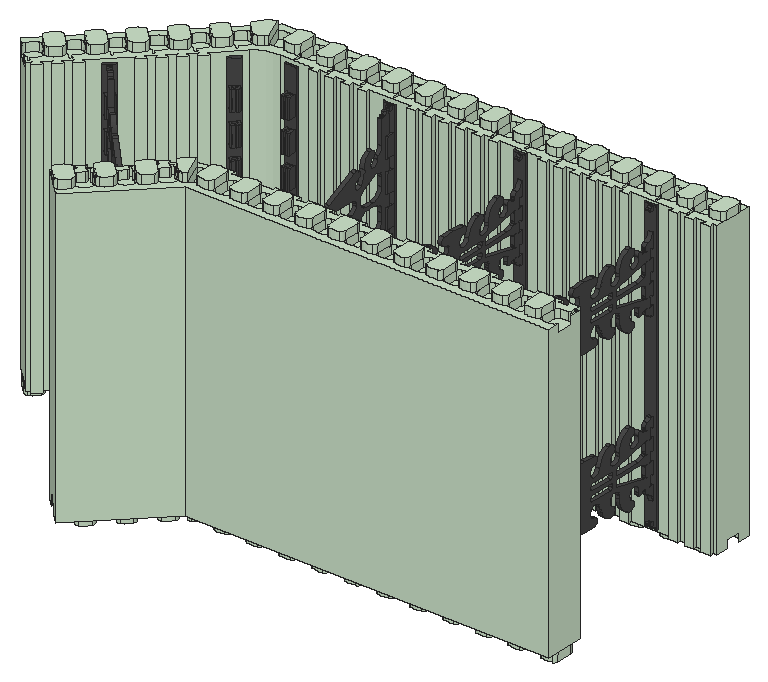
Revit family (continued)
Forms (in)
  Extrusion 47, void
    sketch origin (15.17157, -1.98846, 0) x (-0.707107, -0.707107, 0) y (0.707107, -0.707107, 0)
      loop
        line (-1.99053, 7.13835) -> (-2.14723, 6.98165) -> (-2.02643, 6.86086) -> (-1.78171, 7.10558)
        arc (-1.78171, 7.10558) -> (-1.76253, 7.11866) -> (-1.7399, 7.12384) r 0.0625
        arc (-1.7399, 7.12384) -> (-1.64938, 7.14456) -> (-1.57267, 7.19688) r 0.25
        line (-1.57267, 7.19688) -> (-0.92131, 7.84824)
        arc (-0.92131, 7.84824) -> (-0.85114, 7.98608) -> (-0.87549, 8.13883) r 0.25
        arc (-0.87549, 8.13883) -> (-1.07021, 8.40645) -> (-1.33783, 8.60117) r 1.0625
    from 0 to 0.5
  Extrusion 48, void
    sketch origin (17.17157, -1.98846, 0) x (-0.707107, -0.707107, 0) y (0.707107, -0.707107, 0)
      loop
        arc (-1.33783, 8.60117) -> (-1.49058, 8.62552) -> (-1.62842, 8.55535) r 0.25
        line (-1.62842, 8.55535) -> (-2.27978, 7.90399)
        arc (-2.27978, 7.90399) -> (-2.34995, 7.76615) -> (-2.32559, 7.6134) r 0.25
        arc (-2.32559, 7.6134) -> (-2.18471, 7.40379) -> (-1.99833, 7.23335) r 1.0625
        arc (-1.99833, 7.23335) -> (-1.97244, 7.18765) -> (-1.99053, 7.13835) r 0.0625
        line (-1.99053, 7.13835) -> (-2.14723, 6.98165) -> (-2.02643, 6.86086) -> (-1.78171, 7.10558)
        arc (-1.78171, 7.10558) -> (-1.76253, 7.11866) -> (-1.7399, 7.12384) r 0.0625
        arc (-1.7399, 7.12384) -> (-1.64938, 7.14456) -> (-1.57267, 7.19688) r 0.25
        line (-1.57267, 7.19688) -> (-0.92131, 7.84824)
        arc (-0.92131, 7.84824) -> (-0.85114, 7.98608) -> (-0.87549, 8.13883) r 0.25
        arc (-0.87549, 8.13883) -> (-1.07021, 8.40645) -> (-1.33783, 8.60117) r 1.0625
    from 0 to 0.5
  Extrusion 49, void
    sketch origin (29.57359, 2, 0) x (0.707107, 0.707107, 0) y (-0.707107, 0.707107, 0)
      loop
        arc (-1.33783, 8.60117) -> (-1.49058, 8.62552) -> (-1.62842, 8.55535) r 0.25
        line (-1.62842, 8.55535) -> (-2.27978, 7.90399)
        arc (-2.27978, 7.90399) -> (-2.34995, 7.76615) -> (-2.32559, 7.6134) r 0.25
        arc (-2.32559, 7.6134) -> (-2.18471, 7.40379) -> (-1.99833, 7.23335) r 1.0625
        arc (-1.99833, 7.23335) -> (-1.97244, 7.18765) -> (-1.99053, 7.13835) r 0.0625
        line (-1.99053, 7.13835) -> (-2.14723, 6.98165) -> (-2.02643, 6.86086) -> (-1.78171, 7.10558)
        arc (-1.78171, 7.10558) -> (-1.76253, 7.11866) -> (-1.7399, 7.12384) r 0.0625
        arc (-1.7399, 7.12384) -> (-1.64938, 7.14456) -> (-1.57267, 7.19688) r 0.25
        line (-1.57267, 7.19688) -> (-0.92131, 7.84824)
        arc (-0.92131, 7.84824) -> (-0.85114, 7.98608) -> (-0.87549, 8.13883) r 0.25
        arc (-0.87549, 8.13883) -> (-1.07021, 8.40645) -> (-1.33783, 8.60117) r 1.0625
    from 0 to 0.5
  Extrusion 50, void
    sketch origin (27.57359, 2, 0) x (0.707107, 0.707107, 0) y (-0.707107, 0.707107, 0)
      loop
        arc (-1.33783, 8.60117) -> (-1.49058, 8.62552) -> (-1.62842, 8.55535) r 0.25
        line (-1.62842, 8.55535) -> (-2.27978, 7.90399)
        arc (-2.27978, 7.90399) -> (-2.34995, 7.76615) -> (-2.32559, 7.6134) r 0.25
        arc (-2.32559, 7.6134) -> (-2.18471, 7.40379) -> (-1.99833, 7.23335) r 1.0625
        arc (-1.99833, 7.23335) -> (-1.97244, 7.18765) -> (-1.99053, 7.13835) r 0.0625
        line (-1.99053, 7.13835) -> (-2.14723, 6.98165) -> (-2.02643, 6.86086) -> (-1.78171, 7.10558)
        arc (-1.78171, 7.10558) -> (-1.76253, 7.11866) -> (-1.7399, 7.12384) r 0.0625
        arc (-1.7399, 7.12384) -> (-1.64938, 7.14456) -> (-1.57267, 7.19688) r 0.25
        line (-1.57267, 7.19688) -> (-0.92131, 7.84824)
        arc (-0.92131, 7.84824) -> (-0.85114, 7.98608) -> (-0.87549, 8.13883) r 0.25
        arc (-0.87549, 8.13883) -> (-1.07021, 8.40645) -> (-1.33783, 8.60117) r 1.0625
    from 0 to 0.5
  Extrusion 51, void
    sketch origin (25.57359, 2, 0) x (0.707107, 0.707107, 0) y (-0.707107, 0.707107, 0)
      loop
        arc (-1.33783, 8.60117) -> (-1.49058, 8.62552) -> (-1.62842, 8.55535) r 0.25
        line (-1.62842, 8.55535) -> (-2.27978, 7.90399)
        arc (-2.27978, 7.90399) -> (-2.34995, 7.76615) -> (-2.32559, 7.6134) r 0.25
        arc (-2.32559, 7.6134) -> (-2.18471, 7.40379) -> (-1.99833, 7.23335) r 1.0625
        arc (-1.99833, 7.23335) -> (-1.97244, 7.18765) -> (-1.99053, 7.13835) r 0.0625
        line (-1.99053, 7.13835) -> (-2.14723, 6.98165) -> (-2.02643, 6.86086) -> (-1.78171, 7.10558)
        arc (-1.78171, 7.10558) -> (-1.76253, 7.11866) -> (-1.7399, 7.12384) r 0.0625
        arc (-1.7399, 7.12384) -> (-1.64938, 7.14456) -> (-1.57267, 7.19688) r 0.25
        line (-1.57267, 7.19688) -> (-0.92131, 7.84824)
        arc (-0.92131, 7.84824) -> (-0.85114, 7.98608) -> (-0.87549, 8.13883) r 0.25
        arc (-0.87549, 8.13883) -> (-1.07021, 8.40645) -> (-1.33783, 8.60117) r 1.0625
    from 0 to 0.5
  Extrusion 52, void
    sketch origin (23.57359, 2, 0) x (0.707107, 0.707107, 0) y (-0.707107, 0.707107, 0)
      loop
        arc (-1.33783, 8.60117) -> (-1.49058, 8.62552) -> (-1.62842, 8.55535) r 0.25
        line (-1.62842, 8.55535) -> (-2.27978, 7.90399)
        arc (-2.27978, 7.90399) -> (-2.34995, 7.76615) -> (-2.32559, 7.6134) r 0.25
        arc (-2.32559, 7.6134) -> (-2.18471, 7.40379) -> (-1.99833, 7.23335) r 1.0625
        arc (-1.99833, 7.23335) -> (-1.97244, 7.18765) -> (-1.99053, 7.13835) r 0.0625
        line (-1.99053, 7.13835) -> (-2.14723, 6.98165) -> (-2.02643, 6.86086) -> (-1.78171, 7.10558)
        arc (-1.78171, 7.10558) -> (-1.76253, 7.11866) -> (-1.7399, 7.12384) r 0.0625
        arc (-1.7399, 7.12384) -> (-1.64938, 7.14456) -> (-1.57267, 7.19688) r 0.25
        line (-1.57267, 7.19688) -> (-0.92131, 7.84824)
        arc (-0.92131, 7.84824) -> (-0.85114, 7.98608) -> (-0.87549, 8.13883) r 0.25
        arc (-0.87549, 8.13883) -> (-1.07021, 8.40645) -> (-1.33783, 8.60117) r 1.0625
    from 0 to 0.5
  Extrusion 53, void
    sketch origin (21.57359, 2, 0) x (0.707107, 0.707107, 0) y (-0.707107, 0.707107, 0)
      loop
        arc (-1.33783, 8.60117) -> (-1.49058, 8.62552) -> (-1.62842, 8.55535) r 0.25
        line (-1.62842, 8.55535) -> (-2.27978, 7.90399)
        arc (-2.27978, 7.90399) -> (-2.34995, 7.76615) -> (-2.32559, 7.6134) r 0.25
        arc (-2.32559, 7.6134) -> (-2.18471, 7.40379) -> (-1.99833, 7.23335) r 1.0625
        arc (-1.99833, 7.23335) -> (-1.97244, 7.18765) -> (-1.99053, 7.13835) r 0.0625
        line (-1.99053, 7.13835) -> (-2.14723, 6.98165) -> (-2.02643, 6.86086) -> (-1.78171, 7.10558)
        arc (-1.78171, 7.10558) -> (-1.76253, 7.11866) -> (-1.7399, 7.12384) r 0.0625
        arc (-1.7399, 7.12384) -> (-1.64938, 7.14456) -> (-1.57267, 7.19688) r 0.25
        line (-1.57267, 7.19688) -> (-0.92131, 7.84824)
        arc (-0.92131, 7.84824) -> (-0.85114, 7.98608) -> (-0.87549, 8.13883) r 0.25
        arc (-0.87549, 8.13883) -> (-1.07021, 8.40645) -> (-1.33783, 8.60117) r 1.0625
    from 0 to 0.5
  Extrusion 54, void
    sketch origin (19.57359, 2, 0) x (0.707107, 0.707107, 0) y (-0.707107, 0.707107, 0)
      loop
        arc (-1.33783, 8.60117) -> (-1.49058, 8.62552) -> (-1.62842, 8.55535) r 0.25
        line (-1.62842, 8.55535) -> (-2.27978, 7.90399)
        arc (-2.27978, 7.90399) -> (-2.34995, 7.76615) -> (-2.32559, 7.6134) r 0.25
        arc (-2.32559, 7.6134) -> (-2.18471, 7.40379) -> (-1.99833, 7.23335) r 1.0625
        arc (-1.99833, 7.23335) -> (-1.97244, 7.18765) -> (-1.99053, 7.13835) r 0.0625
        line (-1.99053, 7.13835) -> (-2.14723, 6.98165) -> (-2.02643, 6.86086) -> (-1.78171, 7.10558)
        arc (-1.78171, 7.10558) -> (-1.76253, 7.11866) -> (-1.7399, 7.12384) r 0.0625
        arc (-1.7399, 7.12384) -> (-1.64938, 7.14456) -> (-1.57267, 7.19688) r 0.25
        line (-1.57267, 7.19688) -> (-0.92131, 7.84824)
        arc (-0.92131, 7.84824) -> (-0.85114, 7.98608) -> (-0.87549, 8.13883) r 0.25
        arc (-0.87549, 8.13883) -> (-1.07021, 8.40645) -> (-1.33783, 8.60117) r 1.0625
    from 0 to 0.5
  Extrusion 55, void
    sketch origin (17.57359, 2, 0) x (0.707107, 0.707107, 0) y (-0.707107, 0.707107, 0)
      loop
        arc (-1.33783, 8.60117) -> (-1.49058, 8.62552) -> (-1.62842, 8.55535) r 0.25
        line (-1.62842, 8.55535) -> (-2.27978, 7.90399)
        arc (-2.27978, 7.90399) -> (-2.34995, 7.76615) -> (-2.32559, 7.6134) r 0.25
        arc (-2.32559, 7.6134) -> (-2.18471, 7.40379) -> (-1.99833, 7.23335) r 1.0625
        arc (-1.99833, 7.23335) -> (-1.97244, 7.18765) -> (-1.99053, 7.13835) r 0.0625
        line (-1.99053, 7.13835) -> (-2.14723, 6.98165) -> (-2.02643, 6.86086) -> (-1.78171, 7.10558)
        arc (-1.78171, 7.10558) -> (-1.76253, 7.11866) -> (-1.7399, 7.12384) r 0.0625
        arc (-1.7399, 7.12384) -> (-1.64938, 7.14456) -> (-1.57267, 7.19688) r 0.25
        line (-1.57267, 7.19688) -> (-0.92131, 7.84824)
        arc (-0.92131, 7.84824) -> (-0.85114, 7.98608) -> (-0.87549, 8.13883) r 0.25
        arc (-0.87549, 8.13883) -> (-1.07021, 8.40645) -> (-1.33783, 8.60117) r 1.0625
    from 0 to 0.5
  Extrusion 56, void
    sketch origin (15.57359, 2, 0) x (0.707107, 0.707107, 0) y (-0.707107, 0.707107, 0)
      loop
        arc (-1.33783, 8.60117) -> (-1.49058, 8.62552) -> (-1.62842, 8.55535) r 0.25
        line (-1.62842, 8.55535) -> (-2.27978, 7.90399)
        arc (-2.27978, 7.90399) -> (-2.34995, 7.76615) -> (-2.32559, 7.6134) r 0.25
        arc (-2.32559, 7.6134) -> (-2.18471, 7.40379) -> (-1.99833, 7.23335) r 1.0625
        arc (-1.99833, 7.23335) -> (-1.97244, 7.18765) -> (-1.99053, 7.13835) r 0.0625
        line (-1.99053, 7.13835) -> (-2.14723, 6.98165) -> (-2.02643, 6.86086) -> (-1.78171, 7.10558)
        arc (-1.78171, 7.10558) -> (-1.76253, 7.11866) -> (-1.7399, 7.12384) r 0.0625
        arc (-1.7399, 7.12384) -> (-1.64938, 7.14456) -> (-1.57267, 7.19688) r 0.25
        line (-1.57267, 7.19688) -> (-0.92131, 7.84824)
        arc (-0.92131, 7.84824) -> (-0.85114, 7.98608) -> (-0.87549, 8.13883) r 0.25
        arc (-0.87549, 8.13883) -> (-1.07021, 8.40645) -> (-1.33783, 8.60117) r 1.0625
    from 0 to 0.5
  Extrusion 57, void
    sketch origin (13.57359, 2, 0) x (0.707107, 0.707107, 0) y (-0.707107, 0.707107, 0)
      loop
        arc (-1.33783, 8.60117) -> (-1.49058, 8.62552) -> (-1.62842, 8.55535) r 0.25
        line (-1.62842, 8.55535) -> (-2.27978, 7.90399)
        arc (-2.27978, 7.90399) -> (-2.34995, 7.76615) -> (-2.32559, 7.6134) r 0.25
        arc (-2.32559, 7.6134) -> (-2.18471, 7.40379) -> (-1.99833, 7.23335) r 1.0625
        arc (-1.99833, 7.23335) -> (-1.97244, 7.18765) -> (-1.99053, 7.13835) r 0.0625
        line (-1.99053, 7.13835) -> (-2.14723, 6.98165) -> (-2.02643, 6.86086) -> (-1.78171, 7.10558)
        arc (-1.78171, 7.10558) -> (-1.76253, 7.11866) -> (-1.7399, 7.12384) r 0.0625
        arc (-1.7399, 7.12384) -> (-1.64938, 7.14456) -> (-1.57267, 7.19688) r 0.25
        line (-1.57267, 7.19688) -> (-0.92131, 7.84824)
        arc (-0.92131, 7.84824) -> (-0.85114, 7.98608) -> (-0.87549, 8.13883) r 0.25
        arc (-0.87549, 8.13883) -> (-1.07021, 8.40645) -> (-1.33783, 8.60117) r 1.0625
    from 0 to 0.5
  Extrusion 58, void
    sketch origin (11.57359, 2, 0) x (0.707107, 0.707107, 0) y (-0.707107, 0.707107, 0)
      loop
        arc (-1.33783, 8.60117) -> (-1.49058, 8.62552) -> (-1.62842, 8.55535) r 0.25
        line (-1.62842, 8.55535) -> (-2.27978, 7.90399)
        arc (-2.27978, 7.90399) -> (-2.34995, 7.76615) -> (-2.32559, 7.6134) r 0.25
        arc (-2.32559, 7.6134) -> (-2.18471, 7.40379) -> (-1.99833, 7.23335) r 1.0625
        arc (-1.99833, 7.23335) -> (-1.97244, 7.18765) -> (-1.99053, 7.13835) r 0.0625
        line (-1.99053, 7.13835) -> (-2.14723, 6.98165) -> (-2.02643, 6.86086) -> (-1.78171, 7.10558)
        arc (-1.78171, 7.10558) -> (-1.76253, 7.11866) -> (-1.7399, 7.12384) r 0.0625
        arc (-1.7399, 7.12384) -> (-1.64938, 7.14456) -> (-1.57267, 7.19688) r 0.25
        line (-1.57267, 7.19688) -> (-0.92131, 7.84824)
        arc (-0.92131, 7.84824) -> (-0.85114, 7.98608) -> (-0.87549, 8.13883) r 0.25
        arc (-0.87549, 8.13883) -> (-1.07021, 8.40645) -> (-1.33783, 8.60117) r 1.0625
    from 0 to 0.5
  Extrusion 59, void
    sketch origin (9.57359, 2, 0) x (0.707107, 0.707107, 0) y (-0.707107, 0.707107, 0)
      loop
        arc (-1.33783, 8.60117) -> (-1.49058, 8.62552) -> (-1.62842, 8.55535) r 0.25
        line (-1.62842, 8.55535) -> (-2.27978, 7.90399)
        arc (-2.27978, 7.90399) -> (-2.34995, 7.76615) -> (-2.32559, 7.6134) r 0.25
        arc (-2.32559, 7.6134) -> (-2.18471, 7.40379) -> (-1.99833, 7.23335) r 1.0625
        arc (-1.99833, 7.23335) -> (-1.97244, 7.18765) -> (-1.99053, 7.13835) r 0.0625
        line (-1.99053, 7.13835) -> (-2.14723, 6.98165) -> (-2.02643, 6.86086) -> (-1.78171, 7.10558)
        arc (-1.78171, 7.10558) -> (-1.76253, 7.11866) -> (-1.7399, 7.12384) r 0.0625
        arc (-1.7399, 7.12384) -> (-1.64938, 7.14456) -> (-1.57267, 7.19688) r 0.25
        line (-1.57267, 7.19688) -> (-0.92131, 7.84824)
        arc (-0.92131, 7.84824) -> (-0.85114, 7.98608) -> (-0.87549, 8.13883) r 0.25
        arc (-0.87549, 8.13883) -> (-1.07021, 8.40645) -> (-1.33783, 8.60117) r 1.0625
    from 0 to 0.5
  Extrusion 60, void
    sketch origin (7.57359, 2, 0) x (0.707107, 0.707107, 0) y (-0.707107, 0.707107, 0)
      loop
        arc (-1.33783, 8.60117) -> (-1.49058, 8.62552) -> (-1.62842, 8.55535) r 0.25
        line (-1.62842, 8.55535) -> (-2.27978, 7.90399)
        arc (-2.27978, 7.90399) -> (-2.34995, 7.76615) -> (-2.32559, 7.6134) r 0.25
        arc (-2.32559, 7.6134) -> (-2.18471, 7.40379) -> (-1.99833, 7.23335) r 1.0625
        arc (-1.99833, 7.23335) -> (-1.97244, 7.18765) -> (-1.99053, 7.13835) r 0.0625
        line (-1.99053, 7.13835) -> (-2.14723, 6.98165) -> (-2.02643, 6.86086) -> (-1.78171, 7.10558)
        arc (-1.78171, 7.10558) -> (-1.76253, 7.11866) -> (-1.7399, 7.12384) r 0.0625
        arc (-1.7399, 7.12384) -> (-1.64938, 7.14456) -> (-1.57267, 7.19688) r 0.25
        line (-1.57267, 7.19688) -> (-0.92131, 7.84824)
        arc (-0.92131, 7.84824) -> (-0.85114, 7.98608) -> (-0.87549, 8.13883) r 0.25
        arc (-0.87549, 8.13883) -> (-1.07021, 8.40645) -> (-1.33783, 8.60117) r 1.0625
    from 0 to 0.5
  Extrusion 61, void
    sketch origin (5.57359, 2, 0) x (0.707107, 0.707107, 0) y (-0.707107, 0.707107, 0)
      loop
        arc (-1.33783, 8.60117) -> (-1.49058, 8.62552) -> (-1.62842, 8.55535) r 0.25
        line (-1.62842, 8.55535) -> (-2.27978, 7.90399)
        arc (-2.27978, 7.90399) -> (-2.34995, 7.76615) -> (-2.32559, 7.6134) r 0.25
        arc (-2.32559, 7.6134) -> (-2.18471, 7.40379) -> (-1.99833, 7.23335) r 1.0625
        arc (-1.99833, 7.23335) -> (-1.97244, 7.18765) -> (-1.99053, 7.13835) r 0.0625
        line (-1.99053, 7.13835) -> (-2.14723, 6.98165) -> (-2.02643, 6.86086) -> (-1.78171, 7.10558)
        arc (-1.78171, 7.10558) -> (-1.76253, 7.11866) -> (-1.7399, 7.12384) r 0.0625
        arc (-1.7399, 7.12384) -> (-1.64938, 7.14456) -> (-1.57267, 7.19688) r 0.25
        line (-1.57267, 7.19688) -> (-0.92131, 7.84824)
        arc (-0.92131, 7.84824) -> (-0.85114, 7.98608) -> (-0.87549, 8.13883) r 0.25
        arc (-0.87549, 8.13883) -> (-1.07021, 8.40645) -> (-1.33783, 8.60117) r 1.0625
    from 0 to 0.5
  Extrusion 62, void
    sketch origin (3.41421, 6.24264, 0) x (0, 1, 0) y (-1, 0, 0)
      loop
        arc (-1.33783, 8.60117) -> (-1.49058, 8.62552) -> (-1.62842, 8.55535) r 0.25
        line (-1.62842, 8.55535) -> (-2.27978, 7.90399)
        arc (-2.27978, 7.90399) -> (-2.34995, 7.76615) -> (-2.32559, 7.6134) r 0.25
        arc (-2.32559, 7.6134) -> (-2.18471, 7.40379) -> (-1.99833, 7.23335) r 1.0625
        arc (-1.99833, 7.23335) -> (-1.97244, 7.18765) -> (-1.99053, 7.13835) r 0.0625
        line (-1.99053, 7.13835) -> (-2.14723, 6.98165) -> (-2.02643, 6.86086) -> (-1.78171, 7.10558)
        arc (-1.78171, 7.10558) -> (-1.76253, 7.11866) -> (-1.7399, 7.12384) r 0.0625
        arc (-1.7399, 7.12384) -> (-1.64938, 7.14456) -> (-1.57267, 7.19688) r 0.25
        line (-1.57267, 7.19688) -> (-0.92131, 7.84824)
        arc (-0.92131, 7.84824) -> (-0.85114, 7.98608) -> (-0.87549, 8.13883) r 0.25
        arc (-0.87549, 8.13883) -> (-1.07021, 8.40645) -> (-1.33783, 8.60117) r 1.0625
    from 0 to 0.5
  Extrusion 63, void
    sketch origin (2, 4.82843, 0) x (0, 1, 0) y (-1, 0, 0)
      loop
        arc (-1.33783, 8.60117) -> (-1.49058, 8.62552) -> (-1.62842, 8.55535) r 0.25
        line (-1.62842, 8.55535) -> (-2.27978, 7.90399)
        arc (-2.27978, 7.90399) -> (-2.34995, 7.76615) -> (-2.32559, 7.6134) r 0.25
        arc (-2.32559, 7.6134) -> (-2.18471, 7.40379) -> (-1.99833, 7.23335) r 1.0625
        arc (-1.99833, 7.23335) -> (-1.97244, 7.18765) -> (-1.99053, 7.13835) r 0.0625
        line (-1.99053, 7.13835) -> (-2.14723, 6.98165) -> (-2.02643, 6.86086) -> (-1.78171, 7.10558)
        arc (-1.78171, 7.10558) -> (-1.76253, 7.11866) -> (-1.7399, 7.12384) r 0.0625
        arc (-1.7399, 7.12384) -> (-1.64938, 7.14456) -> (-1.57267, 7.19688) r 0.25
        line (-1.57267, 7.19688) -> (-0.92131, 7.84824)
        arc (-0.92131, 7.84824) -> (-0.85114, 7.98608) -> (-0.87549, 8.13883) r 0.25
        arc (-0.87549, 8.13883) -> (-1.07021, 8.40645) -> (-1.33783, 8.60117) r 1.0625
    from 0 to 0.5
  Extrusion 64, void
    sketch origin (0.58579, 3.41421, 0) x (0, 1, 0) y (-1, 0, 0)
      loop
        arc (-1.33783, 8.60117) -> (-1.49058, 8.62552) -> (-1.62842, 8.55535) r 0.25
        line (-1.62842, 8.55535) -> (-2.27978, 7.90399)
        arc (-2.27978, 7.90399) -> (-2.34995, 7.76615) -> (-2.32559, 7.6134) r 0.25
        arc (-2.32559, 7.6134) -> (-2.18471, 7.40379) -> (-1.99833, 7.23335) r 1.0625
        arc (-1.99833, 7.23335) -> (-1.97244, 7.18765) -> (-1.99053, 7.13835) r 0.0625
        line (-1.99053, 7.13835) -> (-2.14723, 6.98165) -> (-2.02643, 6.86086) -> (-1.78171, 7.10558)
        arc (-1.78171, 7.10558) -> (-1.76253, 7.11866) -> (-1.7399, 7.12384) r 0.0625
        arc (-1.7399, 7.12384) -> (-1.64938, 7.14456) -> (-1.57267, 7.19688) r 0.25
        line (-1.57267, 7.19688) -> (-0.92131, 7.84824)
        arc (-0.92131, 7.84824) -> (-0.85114, 7.98608) -> (-0.87549, 8.13883) r 0.25
        arc (-0.87549, 8.13883) -> (-1.07021, 8.40645) -> (-1.33783, 8.60117) r 1.0625
    from 0 to 0.5
  Extrusion 65, void
    sketch origin (-0.82843, 2, 0) x (0, 1, 0) y (-1, 0, 0)
      loop
        arc (-1.33783, 8.60117) -> (-1.49058, 8.62552) -> (-1.62842, 8.55535) r 0.25
        line (-1.62842, 8.55535) -> (-2.27978, 7.90399)
        arc (-2.27978, 7.90399) -> (-2.34995, 7.76615) -> (-2.32559, 7.6134) r 0.25
        arc (-2.32559, 7.6134) -> (-2.18471, 7.40379) -> (-1.99833, 7.23335) r 1.0625
        arc (-1.99833, 7.23335) -> (-1.97244, 7.18765) -> (-1.99053, 7.13835) r 0.0625
        line (-1.99053, 7.13835) -> (-2.14723, 6.98165) -> (-2.02643, 6.86086) -> (-1.78171, 7.10558)
        arc (-1.78171, 7.10558) -> (-1.76253, 7.11866) -> (-1.7399, 7.12384) r 0.0625
        arc (-1.7399, 7.12384) -> (-1.64938, 7.14456) -> (-1.57267, 7.19688) r 0.25
        line (-1.57267, 7.19688) -> (-0.92131, 7.84824)
        arc (-0.92131, 7.84824) -> (-0.85114, 7.98608) -> (-0.87549, 8.13883) r 0.25
        arc (-0.87549, 8.13883) -> (-1.07021, 8.40645) -> (-1.33783, 8.60117) r 1.0625
    from 0 to 0.5
  Extrusion 66, void
    sketch origin (17.17157, 2, 0) x (-0.707107, 0.707107, 0) y (-0.707107, -0.707107, 0)
      loop
        arc (-1.33783, -8.60117) -> (-1.07021, -8.40645) -> (-0.87549, -8.13883) r 1.0625
        arc (-0.87549, -8.13883) -> (-0.85114, -7.98608) -> (-0.92131, -7.84824) r 0.25
        line (-0.92131, -7.84824) -> (-1.57267, -7.19688)
        arc (-1.57267, -7.19688) -> (-1.64938, -7.14456) -> (-1.7399, -7.12384) r 0.25
        arc (-1.7399, -7.12384) -> (-1.76253, -7.11866) -> (-1.78171, -7.10558) r 0.0625
        line (-1.78171, -7.10558) -> (-2.02643, -6.86086) -> (-2.14723, -6.98165) -> (-1.99053, -7.13835)
        arc (-1.99053, -7.13835) -> (-1.97244, -7.18765) -> (-1.99833, -7.23335) r 0.0625
        arc (-1.99833, -7.23335) -> (-2.18471, -7.40379) -> (-2.32559, -7.6134) r 1.0625
        arc (-2.32559, -7.6134) -> (-2.34995, -7.76615) -> (-2.27978, -7.90399) r 0.25
        line (-2.27978, -7.90399) -> (-1.62842, -8.55535)
        arc (-1.62842, -8.55535) -> (-1.49058, -8.62552) -> (-1.33783, -8.60117) r 0.25
    from 18 to 17.5
  Extrusion 67, void
    sketch origin (31.57359, 2, 0) x (0.707107, 0.707107, 0) y (-0.707107, 0.707107, 0)
      loop
        arc (-1.33783, 8.60117) -> (-1.49058, 8.62552) -> (-1.62842, 8.55535) r 0.25
        line (-1.62842, 8.55535) -> (-2.27978, 7.90399)
        arc (-2.27978, 7.90399) -> (-2.34995, 7.76615) -> (-2.32559, 7.6134) r 0.25
        arc (-2.32559, 7.6134) -> (-2.18471, 7.40379) -> (-1.99833, 7.23335) r 1.0625
        arc (-1.99833, 7.23335) -> (-1.97244, 7.18765) -> (-1.99053, 7.13835) r 0.0625
        line (-1.99053, 7.13835) -> (-2.14723, 6.98165) -> (-2.02643, 6.86086) -> (-1.78171, 7.10558)
        arc (-1.78171, 7.10558) -> (-1.76253, 7.11866) -> (-1.7399, 7.12384) r 0.0625
        arc (-1.7399, 7.12384) -> (-1.64938, 7.14456) -> (-1.57267, 7.19688) r 0.25
        line (-1.57267, 7.19688) -> (-0.92131, 7.84824)
        arc (-0.92131, 7.84824) -> (-0.85114, 7.98608) -> (-0.87549, 8.13883) r 0.25
        arc (-0.87549, 8.13883) -> (-1.07021, 8.40645) -> (-1.33783, 8.60117) r 1.0625
    from 0 to 0.5
  Extrusion 68, void
    sketch origin (-12.42641, -9.59798, 0) x (-1, 0, 0) y (0, -1, 0)
      loop
        arc (-1.33783, -8.60117) -> (-1.07021, -8.40645) -> (-0.87549, -8.13883) r 1.0625
        arc (-0.87549, -8.13883) -> (-0.85114, -7.98608) -> (-0.92131, -7.84824) r 0.25
        line (-0.92131, -7.84824) -> (-1.57267, -7.19688)
        arc (-1.57267, -7.19688) -> (-1.64938, -7.14456) -> (-1.7399, -7.12384) r 0.25
        arc (-1.7399, -7.12384) -> (-1.76253, -7.11866) -> (-1.78171, -7.10558) r 0.0625
        line (-1.78171, -7.10558) -> (-2.02643, -6.86086) -> (-2.14723, -6.98165) -> (-1.99053, -7.13835)
        arc (-1.99053, -7.13835) -> (-1.97244, -7.18765) -> (-1.99833, -7.23335) r 0.0625
        arc (-1.99833, -7.23335) -> (-2.18471, -7.40379) -> (-2.32559, -7.6134) r 1.0625
        arc (-2.32559, -7.6134) -> (-2.34995, -7.76615) -> (-2.27978, -7.90399) r 0.25
        line (-2.27978, -7.90399) -> (-1.62842, -8.55535)
        arc (-1.62842, -8.55535) -> (-1.49058, -8.62552) -> (-1.33783, -8.60117) r 0.25
    from 18 to 17.5
  Extrusion 69, void
    sketch origin (-2.24264, 0.58579, 0) x (0, 1, 0) y (-1, 0, 0)
      loop
        arc (-1.33783, 8.60117) -> (-1.49058, 8.62552) -> (-1.62842, 8.55535) r 0.25
        line (-1.62842, 8.55535) -> (-2.27978, 7.90399)
        arc (-2.27978, 7.90399) -> (-2.34995, 7.76615) -> (-2.32559, 7.6134) r 0.25
        arc (-2.32559, 7.6134) -> (-2.18471, 7.40379) -> (-1.99833, 7.23335) r 1.0625
        arc (-1.99833, 7.23335) -> (-1.97244, 7.18765) -> (-1.99053, 7.13835) r 0.0625
        line (-1.99053, 7.13835) -> (-2.14723, 6.98165) -> (-2.02643, 6.86086) -> (-1.78171, 7.10558)
        arc (-1.78171, 7.10558) -> (-1.76253, 7.11866) -> (-1.7399, 7.12384) r 0.0625
        arc (-1.7399, 7.12384) -> (-1.64938, 7.14456) -> (-1.57267, 7.19688) r 0.25
        line (-1.57267, 7.19688) -> (-0.92131, 7.84824)
        arc (-0.92131, 7.84824) -> (-0.85114, 7.98608) -> (-0.87549, 8.13883) r 0.25
        arc (-0.87549, 8.13883) -> (-1.07021, 8.40645) -> (-1.33783, 8.60117) r 1.0625
    from 0 to 0.5
  Extrusion 70, void
    sketch origin (3.40605, 0.59395, 0) x (1, 0, 0) y (0, 1, 0)
      loop
        arc (-1.33783, -8.60117) -> (-1.07021, -8.40645) -> (-0.87549, -8.13883) r 1.0625
        arc (-0.87549, -8.13883) -> (-0.85114, -7.98608) -> (-0.92131, -7.84824) r 0.25
        line (-0.92131, -7.84824) -> (-1.57267, -7.19688)
        arc (-1.57267, -7.19688) -> (-1.64938, -7.14456) -> (-1.7399, -7.12384) r 0.25
        arc (-1.7399, -7.12384) -> (-1.76253, -7.11866) -> (-1.78171, -7.10558) r 0.0625
        line (-1.78171, -7.10558) -> (-2.02643, -6.86086) -> (-2.14723, -6.98165) -> (-1.99053, -7.13835)
        arc (-1.99053, -7.13835) -> (-1.97244, -7.18765) -> (-1.99833, -7.23335) r 0.0625
        arc (-1.99833, -7.23335) -> (-2.18471, -7.40379) -> (-2.32559, -7.6134) r 1.0625
        arc (-2.32559, -7.6134) -> (-2.34995, -7.76615) -> (-2.27978, -7.90399) r 0.25
        line (-2.27978, -7.90399) -> (-1.62842, -8.55535)
        arc (-1.62842, -8.55535) -> (-1.49058, -8.62552) -> (-1.33783, -8.60117) r 0.25
    from 18 to 17.5
  Extrusion 71, void
    sketch origin (-2.82843, -1.98846, 0) x (-0.707107, -0.707107, 0) y (0.707107, -0.707107, 0)
      loop
        arc (-1.33783, 8.60117) -> (-1.49058, 8.62552) -> (-1.62842, 8.55535) r 0.25
        line (-1.62842, 8.55535) -> (-2.27978, 7.90399)
        arc (-2.27978, 7.90399) -> (-2.34995, 7.76615) -> (-2.32559, 7.6134) r 0.25
        arc (-2.32559, 7.6134) -> (-2.18471, 7.40379) -> (-1.99833, 7.23335) r 1.0625
        arc (-1.99833, 7.23335) -> (-1.97244, 7.18765) -> (-1.99053, 7.13835) r 0.0625
        line (-1.99053, 7.13835) -> (-2.14723, 6.98165) -> (-2.02643, 6.86086) -> (-1.78171, 7.10558)
        arc (-1.78171, 7.10558) -> (-1.76253, 7.11866) -> (-1.7399, 7.12384) r 0.0625
        arc (-1.7399, 7.12384) -> (-1.64938, 7.14456) -> (-1.57267, 7.19688) r 0.25
        line (-1.57267, 7.19688) -> (-0.92131, 7.84824)
        arc (-0.92131, 7.84824) -> (-0.85114, 7.98608) -> (-0.87549, 8.13883) r 0.25
        arc (-0.87549, 8.13883) -> (-1.07021, 8.40645) -> (-1.33783, 8.60117) r 1.0625
    from 0 to 0.5
  Extrusion 72, solid, material "NUDURA Expanded Polystyrene Foam Insulation"
    sketch origin (-31.13223, 6.43815, 0) x (1, 0, 0) y (0, 1, 0)
      loop
        arc (33.62514, -13.68907) -> (33.76298, -13.75924) -> (33.91572, -13.73488) r 0.25
        arc (33.91572, -13.73488) -> (34.01493, -13.6772) -> (34.10734, -13.60915) r 1.0625
        line (34.10734, -13.60915) -> (33.53734, -12.23305)
        arc (33.53734, -12.23305) -> (33.20339, -12.43348) -> (32.94235, -12.72254) r 1.32185
        arc (32.94235, -12.72254) -> (32.90179, -12.88573) -> (32.97378, -13.03771) r 0.25
        line (32.97378, -13.03771) -> (33.62514, -13.68907)
    from 18 to 18.5
  Extrusion 73, solid, material "NUDURA Expanded Polystyrene Foam Insulation"
    sketch origin (17.46951, 26.56965, 0) x (-0.707107, -0.707107, 0) y (0.707107, -0.707107, 0)
      loop
        line (33.62514, 13.68907) -> (32.97378, 13.03771)
        arc (32.97378, 13.03771) -> (32.90179, 12.88573) -> (32.94235, 12.72254) r 0.25
        arc (32.94235, 12.72254) -> (33.20339, 12.43348) -> (33.53734, 12.23305) r 1.32185
        line (33.53734, 12.23305) -> (34.10734, 13.60915)
        arc (34.10734, 13.60915) -> (34.01493, 13.6772) -> (33.91572, 13.73488) r 1.0625
        arc (33.91572, 13.73488) -> (33.76298, 13.75924) -> (33.62514, 13.68907) r 0.25
    from 0 to -0.5
  Extrusion 74, void
    sketch origin (-31.13223, 6.43815, 0) x (1, 0, 0) y (0, 1, 0)
      loop
        arc (34.10734, -13.60915) -> (34.2208, -13.59193) -> (34.33174, -13.56256) r 1.0625
        arc (34.33174, -13.56256) -> (34.45697, -13.47178) -> (34.50482, -13.32469) r 0.25
        line (34.50482, -13.32469) -> (34.50482, -12.40353)
        arc (34.50482, -12.40353) -> (34.44826, -12.24516) -> (34.30418, -12.15845) r 0.25
        arc (34.30418, -12.15845) -> (33.9152, -12.13864) -> (33.53734, -12.23305) r 1.32185
        line (33.53734, -12.23305) -> (34.10734, -13.60915)
    from 18 to 17.5
  Extrusion 75, void
    sketch origin (17.46951, 26.56965, 0) x (-0.707107, -0.707107, 0) y (0.707107, -0.707107, 0)
      loop
        line (34.10734, 13.60915) -> (33.53734, 12.23305)
        arc (33.53734, 12.23305) -> (33.9152, 12.13864) -> (34.30418, 12.15845) r 1.32185
        arc (34.30418, 12.15845) -> (34.44826, 12.24516) -> (34.50482, 12.40353) r 0.25
        line (34.50482, 12.40353) -> (34.50482, 13.32469)
        arc (34.50482, 13.32469) -> (34.45697, 13.47178) -> (34.33174, 13.56256) r 0.25
        arc (34.33174, 13.56256) -> (34.2208, 13.59193) -> (34.10734, 13.60915) r 1.0625
    from 0 to 0.5
Cuts and joins
  Extrusion 4, Extrusion 5, Extrusion 6, Extrusion 7, Extrusion 8, Extrusion 9, Extrusion 10, Extrusion 11, Extrusion 12, Extrusion 13, Extrusion 14, Extrusion 15, Extrusion 16, Extrusion 17, Extrusion 18, Extrusion 19, Extrusion 20, Extrusion 21, Extrusion 22, Extrusion 23, Extrusion 24, Extrusion 25, Extrusion 26, Extrusion 27, Extrusion 28, Extrusion 29, Extrusion 30, Extrusion 31, Extrusion 32, Extrusion 33, Extrusion 34, Extrusion 35, Extrusion 36, Extrusion 37, Extrusion 38, Extrusion 39, Extrusion 40, Extrusion 41, Extrusion 42, Extrusion 43, Extrusion 44, Extrusion 45, Extrusion 46, Extrusion 47, Extrusion 48, Extrusion 49, Extrusion 50, Extrusion 51, Extrusion 52, Extrusion 53, Extrusion 54, Extrusion 55, Extrusion 56, Extrusion 57, Extrusion 58, Extrusion 59, Extrusion 60, Extrusion 61, Extrusion 62, Extrusion 63, Extrusion 64, Extrusion 65, Extrusion 66, Extrusion 67, Extrusion 68, Extrusion 69, Extrusion 70, Extrusion 71, Extrusion 74, Extrusion 75 cuts Extrusion 1
  Extrusion 33, Extrusion 34 cuts Extrusion 2
  Extrusion 35, Extrusion 61, Extrusion 62 cuts Extrusion 3
  Extrusion 74, Extrusion 75 cuts Extrusion 72
Lines and regions (in)
  model lines
    curve 1: line (9.37258, 7.625, 18) -> (9.37258, 7.625, 0)
Dimensions and locks (in)
  locked: plane 5 to plane 4 at 10
  locked: plane 8 to plane 6 at 10
  locked: level to plane 9 at 18
  aligned and locked: plane 9 to Extrusion 1
  aligned and locked: Extrusion 1 to plane 9  (x3)
  aligned and locked: Extrusion 1 to level
  aligned and locked: plane 2 to level
  aligned and locked: level to Extrusion 1  (x2)
  aligned and locked: nested 68 to cut or joined group 1 (Extrusion 1, Extrusion 4, Extrusion 5, Extrusion 6, Extrusion 7, Extrusion 8, Extrusion 9, Extrusion 10, Extrusion 11, Extrusion 12, Extrusion 13, Extrusion 14, Extrusion 15, Extrusion 16, Extrusion 17, Extrusion 18, Extrusion 19, Extrusion 20, Extrusion 21, Extrusion 22, Extrusion 23, Extrusion 24, Extrusion 25, Extrusion 26, Extrusion 27, Extrusion 28, Extrusion 29, Extrusion 30, Extrusion 31, Extrusion 32, Extrusion 33, Extrusion 34, Extrusion 35, Extrusion 36, Extrusion 37, Extrusion 38, Extrusion 39, Extrusion 40, Extrusion 41, Extrusion 42, Extrusion 43, Extrusion 44, Extrusion 45, Extrusion 46, Extrusion 47, Extrusion 48, Extrusion 49, Extrusion 50, Extrusion 51, Extrusion 52, Extrusion 53, Extrusion 54, Extrusion 55, Extrusion 56, Extrusion 57, Extrusion 58, Extrusion 59, Extrusion 60, Extrusion 61, Extrusion 62, Extrusion 63, Extrusion 64, Extrusion 65, Extrusion 66, Extrusion 67, Extrusion 68, Extrusion 69, Extrusion 70, Extrusion 71, Extrusion 74, Extrusion 75)
  aligned and locked: cut or joined group 1 to nested 69
  aligned and locked: nested 70 to cut or joined group 1
  aligned and locked: nested 64 to nested 68
  aligned and locked: nested 69 to nested 66
  aligned and locked: nested 67 to cut or joined group 1
  aligned: nested 62 to cut or joined group 1  (x2)
  aligned: nested 61 to cut or joined group 1  (x2)
  aligned: cut or joined group 1 to nested 65
  aligned and locked: nested 63 to cut or joined group 1
  aligned and locked: nested 63 to nested 68
  aligned and locked: cut or joined group 1 to nested 65
  aligned and locked: nested 67 to nested 82
  aligned and locked: cut or joined group 1 to nested 81
Nested families (in)
  nested 1: "Interlock Tooth" at (23.37258, -1.98846, 0), type "Interlock Tooth"
  nested 2: "Interlock Tooth" at (21.37258, -1.98846, 0), type "Interlock Tooth"
  nested 3: "Interlock Tooth" at (19.37258, -1.98846, 0), type "Interlock Tooth"
  nested 4: "Interlock Tooth" at (17.37258, -1.98846, 0), type "Interlock Tooth"
  nested 5: "Interlock Tooth" at (15.37258, -1.98846, 0), type "Interlock Tooth"
  nested 6: "Interlock Tooth" at (13.37258, -1.98846, 0), type "Interlock Tooth"
  nested 7: "Interlock Tooth" at (11.37258, -1.98846, 0), type "Interlock Tooth"
  nested 8: "Interlock Tooth" at (9.37258, -1.98846, 0), type "Interlock Tooth"
  nested 9: "Interlock Tooth" at (7.37258, -1.98846, 0), type "Interlock Tooth"
  nested 10: "Interlock Tooth" at (5.37258, -1.98846, 0), type "Interlock Tooth"
  nested 11: "Interlock Tooth" at (-2.39294, -5.20504, 0) x (0.7071, 0.7071, 0) z (0, 0, 1), type "Interlock Tooth"
  nested 12: "Interlock Tooth" at (-3.80715, -6.61926, 0) x (0.7071, 0.7071, 0) z (0, 0, 1), type "Interlock Tooth"
  nested 13: "Interlock Tooth" at (-5.22136, -8.03347, 0) x (0.7071, 0.7071, 0) z (0, 0, 1), type "Interlock Tooth"
  nested 14: "Interlock Tooth" at (22.37258, 2, 0), type "Interlock Tooth"
  nested 15: "Interlock Tooth" at (20.37258, 2, 0), type "Interlock Tooth"
  nested 16: "Interlock Tooth" at (18.37258, 2, 0), type "Interlock Tooth"
  nested 17: "Interlock Tooth" at (16.37258, 2, 0), type "Interlock Tooth"
  nested 18: "Interlock Tooth" at (14.37258, 2, 0), type "Interlock Tooth"
  nested 19: "Interlock Tooth" at (12.37258, 2, 0), type "Interlock Tooth"
  nested 20: "Interlock Tooth" at (10.37258, 2, 0), type "Interlock Tooth"
  nested 21: "Interlock Tooth" at (8.37258, 2, 0), type "Interlock Tooth"
  nested 22: "Interlock Tooth" at (6.37258, 2, 0), type "Interlock Tooth"
  nested 23: "Interlock Tooth" at (4.37258, 2, 0), type "Interlock Tooth"
  nested 24: "Interlock Tooth" at (2.37258, 2, 0), type "Interlock Tooth"
  nested 25: "Interlock Tooth" at (0.37258, 2, 0), type "Interlock Tooth"
  nested 26: "Interlock Tooth" at (-1.62742, 2, 0), type "Interlock Tooth"
  nested 27: "Interlock Tooth" at (-1.67767, 1.15076, 0) x (0.7071, 0.7071, 0) z (0, 0, 1), type "Interlock Tooth"
  nested 28: "Interlock Tooth" at (-3.09188, -0.26346, 0) x (0.7071, 0.7071, 0) z (0, 0, 1), type "Interlock Tooth"
  nested 29: "Interlock Tooth" at (-4.5061, -1.67767, 0) x (0.7071, 0.7071, 0) z (0, 0, 1), type "Interlock Tooth"
  nested 30: "Interlock Tooth" at (-5.92031, -3.09188, 0) x (0.7071, 0.7071, 0) z (0, 0, 1), type "Interlock Tooth"
  nested 31: "Interlock Tooth" at (-4.51426, -7.32636, -18.5) x (0.7071, 0.7071, 0) z (0, 0, 1), type "Interlock Tooth"
  nested 32: "Interlock Tooth" at (-3.10004, -5.91215, -18.5) x (0.7071, 0.7071, 0) z (0, 0, 1), type "Interlock Tooth"
  nested 33: "Interlock Tooth" at (-12.90299, 2.47658, -18.5) x (0.7071, 0.7071, 0) z (0, 0, 1), type "Interlock Tooth"
  nested 34: "Interlock Tooth" at (-11.48878, 3.8908, -18.5) x (0.7071, 0.7071, 0) z (0, 0, 1), type "Interlock Tooth"
  nested 35: "Interlock Tooth" at (-10.07456, 5.30501, -18.5) x (0.7071, 0.7071, 0) z (0, 0, 1), type "Interlock Tooth"
  nested 36: "Interlock Tooth" at (-8.66035, 6.71922, -18.5) x (0.7071, 0.7071, 0) z (0, 0, 1), type "Interlock Tooth"
  nested 37: "Interlock Tooth" at (-7.24614, 8.13344, -18.5) x (0.7071, 0.7071, 0) z (0, 0, 1), type "Interlock Tooth"
  nested 38: "Interlock Tooth" at (0.37258, 2, -18.5) x (-1, 0, 0) z (0, 0, 1), type "Interlock Tooth"
  nested 39: "Interlock Tooth" at (2.37258, 2, -18.5) x (-1, 0, 0) z (0, 0, 1), type "Interlock Tooth"
  nested 40: "Interlock Tooth" at (4.37258, 2, -18.5) x (-1, 0, 0) z (0, 0, 1), type "Interlock Tooth"
  nested 41: "Interlock Tooth" at (6.37258, 2, -18.5) x (-1, 0, 0) z (0, 0, 1), type "Interlock Tooth"
  nested 42: "Interlock Tooth" at (8.37258, 2, -18.5) x (-1, 0, 0) z (0, 0, 1), type "Interlock Tooth"
  nested 43: "Interlock Tooth" at (10.37258, 2, -18.5) x (-1, 0, 0) z (0, 0, 1), type "Interlock Tooth"
  nested 44: "Interlock Tooth" at (12.37258, 2, -18.5) x (-1, 0, 0) z (0, 0, 1), type "Interlock Tooth"
  nested 45: "Interlock Tooth" at (14.37258, 2, -18.5) x (-1, 0, 0) z (0, 0, 1), type "Interlock Tooth"
  nested 46: "Interlock Tooth" at (16.37258, 2, -18.5) x (-1, 0, 0) z (0, 0, 1), type "Interlock Tooth"
  nested 47: "Interlock Tooth" at (18.37258, 2, -18.5) x (-1, 0, 0) z (0, 0, 1), type "Interlock Tooth"
  nested 48: "Interlock Tooth" at (20.37258, 2, -18.5) x (-1, 0, 0) z (0, 0, 1), type "Interlock Tooth"
  nested 49: "Interlock Tooth" at (22.37258, 2, -18.5) x (-1, 0, 0) z (0, 0, 1), type "Interlock Tooth"
  nested 50: "Interlock Tooth" at (25.37258, -1.98846, -18.5) x (-1, 0, 0) z (0, 0, 1), type "Interlock Tooth"
  nested 51: "Interlock Tooth" at (23.37258, -1.98846, -18.5) x (-1, 0, 0) z (0, 0, 1), type "Interlock Tooth"
  nested 52: "Interlock Tooth" at (21.37258, -1.98846, -18.5) x (-1, 0, 0) z (0, 0, 1), type "Interlock Tooth"
  nested 53: "Interlock Tooth" at (19.37258, -1.98846, -18.5) x (-1, 0, 0) z (0, 0, 1), type "Interlock Tooth"
  nested 54: "Interlock Tooth" at (17.37258, -1.98846, -18.5) x (-1, 0, 0) z (0, 0, 1), type "Interlock Tooth"
  nested 55: "Interlock Tooth" at (15.37258, -1.98846, -18.5) x (-1, 0, 0) z (0, 0, 1), type "Interlock Tooth"
  nested 56: "Interlock Tooth" at (13.37258, -1.98846, -18.5) x (-1, 0, 0) z (0, 0, 1), type "Interlock Tooth"
  nested 57: "Interlock Tooth" at (11.37258, -1.98846, -18.5) x (-1, 0, 0) z (0, 0, 1), type "Interlock Tooth"
  nested 58: "Interlock Tooth" at (9.37258, -1.98846, -18.5) x (-1, 0, 0) z (0, 0, 1), type "Interlock Tooth"
  nested 59: "Interlock Tooth" at (7.37258, -1.98846, -18.5) x (-1, 0, 0) z (0, 0, 1), type "Interlock Tooth"
  nested 60: "Interlock Tooth" at (5.37258, -1.98846, -18.5) x (-1, 0, 0) z (0, 0, 1), type "Interlock Tooth"
  nested 61: "Capture Lugs" at (-0.62742, 2, 0) x (-1, 0, 0) z (0, 0, 1), type "Capture Lugs"
  nested 62: "Capture Lugs" at (-0.97056, 1.85786, 0) x (-0.7071, -0.7071, 0) z (0, 0, 1), type "Capture Lugs"
  nested 63: "NUDURA Diamond Pattern" at (17.37258, -2, 0), type "NUDURA Diamond Pattern"
  nested 64: "NUDURA Diamond Pattern" at (1.37258, -2, 0), type "NUDURA Diamond Pattern"
  nested 65: "NUDURA Diamond Pattern" at (17.37258, 2, 0), type "NUDURA Diamond Pattern"
  nested 66: "NUDURA Diamond Pattern" at (9.37258, 2, 0), type "NUDURA Diamond Pattern"
  nested 67: "NUDURA Logo Diamond" at (-0.70721, 10.07617, 0) x (-0.7071, -0.7071, 0) z (0, 0, 1), type "NUDURA Logo Diamond"
  nested 68: "NUDURA Logo Diamond" at (1.37515, -7.625, 0), type "NUDURA Logo Diamond"
  nested 69: "NUDURA Logo Diamond Missing Outside Line" at (17.37002, 7.625, 0) x (-1, 0, 0) z (0, 0, 1), type "NUDURA Logo Diamond without Outside Line"
  nested 70: "NUDURA Diamond Pattern Missing Two Lines" at (-5.2132, -8.04163, 0) x (0.7071, 0.7071, 0) z (0, 0, 1), type "NUDURA Diamond Pattern minus Two lines"
  nested 71: "Interlock Tooth" at (24.37258, 2, 0), type "Interlock Tooth"
  nested 72: "Interlock Tooth" at (24.37258, 2, -18.5) x (-1, 0, 0) z (0, 0, 1), type "Interlock Tooth"
  nested 73: "Interlock Tooth" at (-7.33452, -4.5061, 0) x (0.7071, 0.7071, 0) z (0, 0, 1), type "Interlock Tooth"
  nested 74: "Interlock Tooth" at (-14.3172, 1.06237, -18.5) x (0.7071, 0.7071, 0) z (0, 0, 1), type "Interlock Tooth"
  nested 75: "Interlock Tooth" at (-1.68583, -4.49794, -18.5) x (0.7071, 0.7071, 0) z (0, 0, 1), type "Interlock Tooth"
  nested 76: "Interlock Tooth" at (3.37258, -1.98846, 0), type "Interlock Tooth"
  nested 77: "10-inch Web" at (21.37258, 0, 0), type "10-inch Web"
  nested 78: "10-inch Web" at (13.37258, 0, 0), type "10-inch Web"
  nested 79: "10-inch Insert Web" at (5.37258, 0, 0), type "10-inch Insert Web"
  nested 80: "10-inch Insert Web" at (-3.79899, -3.79899, 0) x (0.7071, 0.7071, 0) z (0, 0, 1), type "10-inch Insert Web"
  nested 81: "NUDURA Diamond Pattern Missing one line" at (-4.62742, 13.25, 0), type "NUDURA Diamond Pattern Misssing one line"
  nested 82: "NUDURA Diamond Pattern Missing one line" at (-11.75394, 6.98439, 0) x (0.7071, 0.7071, 0) z (0, 0, 1), type "NUDURA Diamond Pattern Misssing one line"
Definition of nested family "Interlock Tooth"
  Reference planes (in)
    plane 1 "Center (Front/Back)": y = 0
    plane 2: z = 0
    plane 3 "Center (Left/Right)": x = 0
    plane 4: z = 18
    plane 5: z = 18.5
    plane 6: z = -0.5
  Forms (in)
    Extrusion 1, solid, material "NUDURA Expanded Polystyrene Foam Insulation"
      sketch origin (0, -8.875, 0) x (1, 0, 0) y (0, 1, 0)
        loop
          arc (0, 3.97692) -> (0.04785, 3.82983) -> (0.17308, 3.73905) r 0.25
          arc (0.17308, 3.73905) -> (0.5, 3.6875) -> (0.82692, 3.73905) r 1.0625
          arc (0.82692, 3.73905) -> (0.95215, 3.82983) -> (1, 3.97692) r 0.25
          line (1, 3.97692) -> (1, 4.89808)
          arc (1, 4.89808) -> (0.95215, 5.04517) -> (0.82692, 5.13595) r 0.25
          arc (0.82692, 5.13595) -> (0.5, 5.1875) -> (0.17308, 5.13595) r 1.0625
          arc (0.17308, 5.13595) -> (0.04785, 5.04517) -> (0, 4.89808) r 0.25
          line (0, 4.89808) -> (0, 3.97692)
      from 18 to 18.5
  Dimensions and locks (in)
    locked: plane 4 to level at 18
    locked: plane 4 to plane 5 at 0.5
    locked: plane 6 to level at 0.5
Definition of nested family "Capture Lugs"
  Reference planes (in)
    plane 1 "Center (Front/Back)": y = 0
    plane 2: z = 0
    plane 3 "Center (Left/Right)": x = 0
  Forms (in)
    Extrusion 1, solid, material "High Density Polystyrene"
      sketch origin (0, 0, 0) x (0, 1, 0) y (0, 0, 1)
        loop
          arc (-3.25, 0) -> (-3.22112, 0.01975) -> (-3.21, 0.05292) r 0.055
          line (-3.21, 0.05292) -> (-3.21, 17.69292)
          arc (-3.21, 17.69292) -> (-3.22112, 17.72608) -> (-3.25, 17.74583) r 0.055
          line (-3.25, 17.74583) -> (-3.25, 0)
      from 0.36328 to -0.36328
    Extrusion 2, solid, material "High Density Polystyrene"
      sketch origin (0, 0, 0) x (0, 1, 0) y (0, 0, 1)
        loop
          line (-3.21, 16.17792) -> (-3.21, 14.97792) -> (-2.71, 14.97792) -> (-2.71, 16.17792) -> (-3.21, 16.17792)
        loop
          line (-3.21, 14.22792) -> (-3.21, 13.02792) -> (-2.71, 13.02792) -> (-2.71, 14.22792) -> (-3.21, 14.22792)
        loop
          line (-3.21, 12.27792) -> (-3.21, 11.07792) -> (-2.71, 11.07792) -> (-2.71, 12.27792) -> (-3.21, 12.27792)
        loop
          line (-3.21, 10.32792) -> (-3.21, 9.24792) -> (-2.71, 9.24792) -> (-2.71, 10.32792) -> (-3.21, 10.32792)
        loop
          line (-3.21, 8.49792) -> (-3.21, 7.41792) -> (-2.71, 7.41792) -> (-2.71, 8.49792) -> (-3.21, 8.49792)
        loop
          line (-3.21, 6.66792) -> (-3.21, 5.46792) -> (-2.71, 5.46792) -> (-2.71, 6.66792) -> (-3.21, 6.66792)
        loop
          line (-3.21, 4.71792) -> (-3.21, 3.51792) -> (-2.71, 3.51792) -> (-2.71, 4.71792) -> (-3.21, 4.71792)
        loop
          line (-3.21, 2.76792) -> (-3.21, 1.56792) -> (-2.71, 1.56792) -> (-2.71, 2.76792) -> (-3.21, 2.76792)
      from 0.25 to -0.25
    Extrusion 3, void
      sketch origin (0, 0, 0) x (1, 0, 0) y (0, 1, 0)
        loop
          arc (-0.25, -2.79249) -> (-0.22584, -2.73416) -> (-0.1675, -2.71) r 0.0825
          line (-0.1675, -2.71) -> (-0.25, -2.71) -> (-0.25, -2.79249)
      from 0 to 18
    Extrusion 4, void
      sketch origin (0, 0, 0) x (-1, 0, 0) y (0, -1, 0)
        loop
          line (-0.25, 2.79249) -> (-0.25, 2.71) -> (-0.1675, 2.71)
          arc (-0.1675, 2.71) -> (-0.22584, 2.73416) -> (-0.25, 2.79249) r 0.0825
      from 0 to 18
    Extrusion 5, void
      sketch origin (0, 0, 0) x (1, 0, 0) y (0, 1, 0)
        loop
          arc (-0.04687, -2.835) -> (0, -3.07587) -> (0.04688, -2.835) r 0.125
          line (0.04688, -2.835) -> (0.04688, -2.71) -> (-0.04687, -2.71) -> (-0.04687, -2.835)
      from 0 to 18
  Cuts and joins
    Extrusion 3, Extrusion 4 cuts Extrusion 1
    Extrusion 3, Extrusion 4, Extrusion 5 cuts Extrusion 2
Definition of nested family "10-inch Web"
  Reference planes (in)
    plane 1 "Center (Front/Back)": y = 0
    plane 2: z = 0
    plane 3 "Center (Left/Right)": x = 0
  Forms (in)
    Extrusion 1, solid, material "Polypropylene"
      sketch origin (0, 0, -0.5) x (0, 1, 0) y (0, 0, 1)
        loop
          arc (5.185, 0.98503) -> (5.17874, 0.9705) -> (5.16389, 0.96506) r 0.02
          line (5.16389, 0.96506) -> (5.00611, 0.97383)
          arc (5.00611, 0.97383) -> (4.99126, 0.96839) -> (4.985, 0.95386) r 0.02
          line (4.985, 0.95386) -> (4.985, 0.88265)
          arc (4.985, 0.88265) -> (4.98914, 0.86744) -> (5.00043, 0.85643) r 0.03
          line (5.00043, 0.85643) -> (5.16957, 0.76246)
          arc (5.16957, 0.76246) -> (5.18086, 0.75145) -> (5.185, 0.73624) r 0.03
